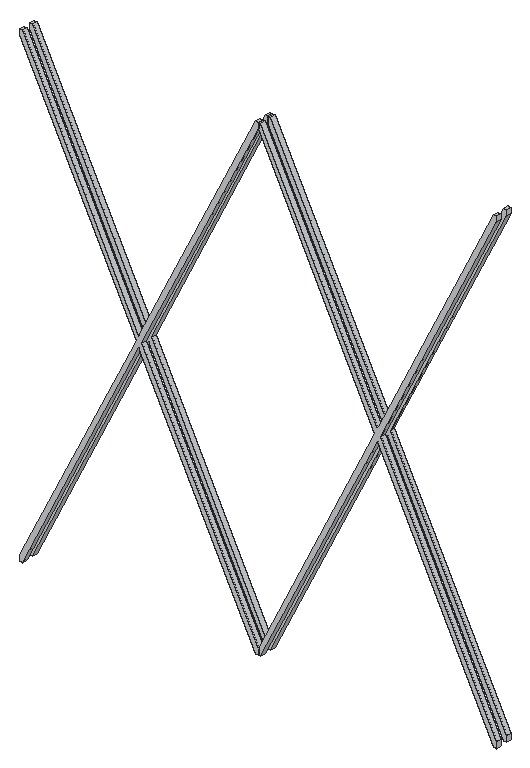
Revit family "8313ef3cfe6844feaa615f0781d1a063", category Generic Models, Revit 2021
Family settings
  Can host rebar = No
  Round Connector Dimension = Use Diameter
  Part Type = Normal
  Work Plane-Based = No
  Always vertical = Yes
  Cut with Voids When Loaded = No
  Shared = Yes
  Room Calculation Point = No
Parameters
  Width [instance] = 4' - 0"
  Thickness = 0' - 0 1/2"
  Height [instance] = 4' - 0"
  Interior Material [instance] = none
  Exterior Material [instance] = none
  Distance = 0' - 0 3/4"
  Default Elevation = 0' - 0"
Reference planes (in)
  plane 1 "Center (Front/Back)": y = 0
  plane 2: z = 0
  plane 3 "Center (Left/Right)": x = 0
  plane 4: z = 48
  plane 5: x = -24
  plane 6: x = 24
  plane 7: z = 24
Dimensions and locks (in)
  equal spacing: plane 6, plane 3 "Center (Left/Right)", plane 5
  "Width": plane 6 to plane 5
  "Height": plane 4 to plane 2
  equal spacing: plane 4, plane 7, plane 2
  aligned and locked: plane 2 to level
  aligned and locked: plane 1 "Center (Front/Back)" to nested 1
  aligned and locked: plane 1 "Center (Front/Back)" to nested 2
  aligned and locked: plane 4 to nested 1
  aligned and locked: plane 4 to nested 2
  aligned and locked: plane 2 to nested 1
  aligned and locked: plane 2 to nested 2
  aligned and locked: plane 5 to nested 1
  aligned and locked: plane 6 to nested 2
  aligned and locked: plane 3 "Center (Left/Right)" to nested 2
  aligned and locked: plane 3 "Center (Left/Right)" to nested 1
Nested families (in)
  nested 1: "Muntin Pattern_Diamond" at (-12, 0, 0), Exterior Material <- "Exterior Material", Interior Material <- "Interior Material", type "Muntin Pattern_Diamond"
    with W 2' - 0", Interior Material none, H 4' - 0", Exterior Material none
  nested 2: "Muntin Pattern_Diamond" at (12, 0, 0), Exterior Material <- "Exterior Material", Interior Material <- "Interior Material", type "Muntin Pattern_Diamond"
    with W 2' - 0", Interior Material none, H 4' - 0", Exterior Material none
Definition of nested family "Muntin Pattern_Diamond"
  Parameters (values of type "Muntin Pattern_Diamond")
    W [instance] = 4' - 0"
    Thickness = 0' - 0 1/2"
    H [instance] = 4' - 0"
    Interior Material [instance] = none
    Distance = 0' - 0 3/4"
    Exterior Material [instance] = none
    Default Elevation = 0' - 0"
  Reference planes (in)
    plane 1 "Center (Front/Back)": y = 0
    plane 2: z = 0
    plane 3 "Center (Left/Right)": x = 0
    plane 4: z = 48
    plane 5: x = -24
    plane 6: x = 24
    plane 7: z = 24
    plane 8: y = 0.375
    plane 9: y = -0.375
    plane 10: y = 0.875
    plane 11: y = -0.875
  Forms (in)
    Extrusion 1, solid, material <- "Exterior Material", detail levels fine
      sketch origin (-24, 0, 48) x (0.707107, 0, -0.707107) y (0.707107, 0, 0.707107)
        loop
          line (0, 0.25) -> (0, -0.25) -> (67.88225, -0.25) -> (67.88225, 0.25) -> (0, 0.25)
      from -0.875 to -0.375
    Extrusion 2, solid, material <- "Exterior Material", detail levels fine
      sketch origin (24, 0, 48) x (-0.707107, 0, -0.707107) y (0.707107, 0, -0.707107)
        loop
          line (67.88225, 0.25) -> (0, 0.25) -> (0, -0.25) -> (67.88225, -0.25) -> (67.88225, 0.25)
      from -0.875 to -0.375
    Extrusion 3, void
      sketch origin (0, 0, 0) x (1, 0, 0) y (0, 0, 1)
        loop
          line (-24, 48) -> (-24, 0) -> (24, 0) -> (24, 48) -> (-24, 48)
        loop
          line (-24.5, 48.5) -> (-24.5, -0.5) -> (24.5, -0.5) -> (24.5, 48.5) -> (-24.5, 48.5)
      from -0.875 to 0.875
    Extrusion 4, solid, material <- "Interior Material", detail levels fine
      sketch origin (-24, 0, 48) x (0.707107, 0, -0.707107) y (0.707107, 0, 0.707107)
        loop
          line (0, 0.25) -> (0, -0.25) -> (67.88225, -0.25) -> (67.88225, 0.25) -> (0, 0.25)
      from 0.375 to 0.875
    Extrusion 5, solid, material <- "Interior Material", detail levels fine
      sketch origin (24, 0, 48) x (-0.707107, 0, -0.707107) y (0.707107, 0, -0.707107)
        loop
          line (0, -0.25) -> (67.88225, -0.25) -> (67.88225, 0.25) -> (0, 0.25) -> (0, -0.25)
      from 0.375 to 0.875
  Cuts and joins
    Extrusion 3 cuts Extrusion 1
    Extrusion 3 cuts Extrusion 2
    joined: Extrusion 1, Extrusion 2
    Extrusion 3 cuts Extrusion 4
    Extrusion 3 cuts Extrusion 5
    joined: Extrusion 4, Extrusion 5
  Lines and regions (in)
    reference lines
      curve 1: line (-24, 0, 48) -> (24, 0, 0)
      curve 2: line (24, 0, 48) -> (-24, 0, 0)
      curve 3: line (-24, 0, 48) -> (-17.98959, 0, 54.01041)
      curve 4: line (24, 0, 0) -> (31.6014, 0, 7.6014)
      curve 5: line (-21.20495, 0, 44.8514) -> (16.78122, 0, 6.86522)
      curve 6: line (-20.8514, 0, 45.20495) -> (17.13478, 0, 7.21878)
      curve 7: line (24, 0, 48) -> (18.87348, 0, 53.12652)
      curve 8: line (-24, 0, 0) -> (-28.24264, 0, 4.24264)
      curve 9: line (-23.82322, 0, -0.17678) -> (22.31549, 0, 45.96194)
      curve 10: line (-24.17678, 0, 0.17678) -> (21.96194, 0, 46.31549)
    model lines, detail levels medium
      curve 11: line (24, 0.375, 0) -> (-24, 0.375, 48)
      curve 12: line (24, 0.375, 48) -> (-24, 0.375, 0)
      curve 13: line (24, -0.375, 0) -> (-24, -0.375, 48)
      curve 14: line (24, -0.375, 48) -> (-24, -0.375, 0)
  Dimensions and locks (in)
    equal spacing: plane 6, plane 3 "Center (Left/Right)", plane 5
    "W": plane 6 to plane 5
    "H": plane 4 to plane 2
    equal spacing: plane 4, plane 7, plane 2
    equal spacing: curve 5, curve 1, curve 6
    "Thickness": curve 5 to curve 6
    equal spacing: curve 9, curve 2, curve 10
    "Thickness": curve 9 to curve 10
    "Thickness": Extrusion 3 sketch curve to plane 6
    "Thickness": plane 2 to Extrusion 3 sketch curve
    "Thickness": plane 5 to Extrusion 3 sketch curve
    "Thickness": Extrusion 3 sketch curve to plane 4
    "Distance": plane 8 to plane 9
    equal spacing: plane 8, plane 1 "Center (Front/Back)", plane 9
    "Thickness": plane 10 to plane 8
    "Thickness": plane 9 to plane 11
    locked: curve 1 to curve 3 (angle 90.00°)
    locked: curve 4 to curve 1 (angle 90.00°)
    locked: curve 7 to curve 2 (angle 90.00°)
    locked: curve 2 to curve 8 (angle 90.00°)
    aligned and locked: plane 2 to level
    aligned and locked: plane 4 to curve 1
    aligned and locked: plane 5 to curve 1
    aligned and locked: plane 2 to curve 2
    aligned and locked: plane 5 to curve 2
    aligned and locked: plane 6 to curve 1
    aligned and locked: plane 2 to curve 1
    aligned and locked: plane 6 to curve 2
    aligned and locked: plane 4 to curve 2
    aligned and locked: plane 4 to curve 3
    aligned and locked: plane 5 to curve 3
    aligned and locked: plane 6 to curve 4
    aligned and locked: plane 2 to curve 4
    aligned and locked: Extrusion 1 sketch curve to curve 5
    aligned and locked: Extrusion 1 sketch curve to curve 3
    aligned and locked: Extrusion 1 sketch curve to curve 6
    aligned and locked: curve 6 to Extrusion 1 sketch curve
    aligned and locked: curve 5 to Extrusion 1 sketch curve
    aligned and locked: Extrusion 1 sketch curve to curve 4
    aligned and locked: curve 4 to Extrusion 1 sketch curve
    aligned and locked: plane 5 to curve 8
    aligned and locked: plane 2 to curve 8
    aligned and locked: plane 6 to curve 7
    aligned and locked: plane 4 to curve 7
    aligned and locked: Extrusion 2 sketch curve to curve 10  (x2)
    aligned and locked: Extrusion 2 sketch curve to curve 8  (x2)
    aligned and locked: curve 9 to Extrusion 2 sketch curve  (x2)
    aligned and locked: curve 7 to Extrusion 2 sketch curve
    aligned and locked: plane 5 to Extrusion 3 sketch curve
    aligned and locked: Extrusion 3 sketch curve to plane 4
    aligned and locked: Extrusion 3 sketch curve to plane 6
    aligned and locked: plane 2 to Extrusion 3 sketch curve
    aligned and locked: plane 10 to cut or joined group of Extrusion 1, Extrusion 2, Extrusion 3  (x2)
    aligned and locked: cut or joined group of Extrusion 1, Extrusion 2, Extrusion 3 to plane 8  (x2)
    aligned and locked: plane 10 to Extrusion 3
    aligned and locked: Extrusion 3 to plane 11
    aligned and locked: curve 3 to Extrusion 4 sketch curve
    aligned and locked: Extrusion 4 sketch curve to curve 3
    aligned and locked: Extrusion 4 sketch curve to curve 6
    aligned and locked: Extrusion 4 sketch curve to curve 5
    aligned and locked: Extrusion 4 sketch curve to curve 4
    aligned and locked: curve 6 to Extrusion 4 sketch curve
    aligned and locked: curve 5 to Extrusion 4 sketch curve
    aligned and locked: Extrusion 5 sketch curve to curve 9
    aligned and locked: Extrusion 5 sketch curve to curve 10
    aligned and locked: Extrusion 5 sketch curve to curve 7  (x2)
    aligned and locked: Extrusion 5 sketch curve to curve 8  (x2)
    aligned and locked: curve 9 to Extrusion 5 sketch curve
    aligned and locked: curve 10 to Extrusion 5 sketch curve
    aligned and locked: Extrusion 4 to plane 11
    aligned and locked: Extrusion 5 to plane 11
    aligned and locked: plane 9 to Extrusion 4
    aligned and locked: plane 9 to Extrusion 5
    aligned and locked: plane 2 to curve 11
    aligned and locked: plane 6 to curve 11
    aligned and locked: plane 5 to curve 11
    aligned and locked: plane 4 to curve 11
    aligned and locked: plane 5 to curve 12
    aligned and locked: plane 2 to curve 12
    aligned and locked: plane 4 to curve 12
    aligned and locked: plane 6 to curve 12
    aligned and locked: plane 2 to curve 13
    aligned and locked: plane 6 to curve 13
    aligned and locked: plane 4 to curve 14
    aligned and locked: plane 6 to curve 14
    aligned and locked: plane 4 to curve 13
    aligned and locked: plane 5 to curve 13
    aligned and locked: plane 2 to curve 14
    aligned and locked: plane 5 to curve 14
  Automatic sketch dimensions
    curve 1 to curve 6 = 0' - 4.20279"
    curve 1 to curve 5 = 0' - 4.20279"
    curve 5 to curve 1 = 0' - 9.95889"
    curve 6 to curve 5 = 0' - 0"
    curve 2 to curve 9 = 0' - 0"
    curve 2 to curve 9 = 0' - 2.63225"
    curve 2 to curve 10 = 0' - 2.63225"
